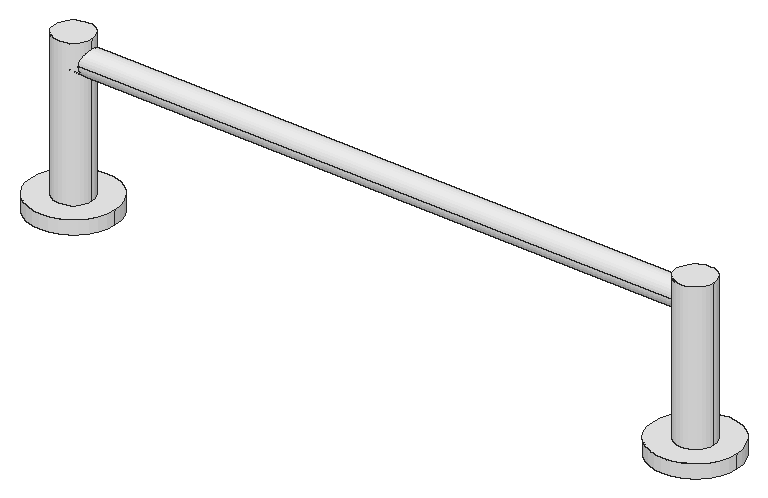
Revit family "CL60019-C_ROUND 300MM SINGLE TOWEL RAIL", category Specialty Equipment, host Face, Revit 2015
Parameters (values of type "ROUND 300MM SINGLE TOWEL RAIL CHROME")
  URL = "https://www.clark.com.au/"
  Rail_Length = 300 mm
  Model = "CL60019.C"
  Material_Base = GWA_Metal-Chrome
  Manufacturer = "GWA Bathrooms & Kitchens"  # constant formula
  Description = "ROUND 300MM SINGLE TOWEL RAIL CHROME"
  Default Elevation = 900 mm
  CreatedBy_ANZRS = "GWA Bathrooms & Kitchens"  # constant formula
  Assembly Code = "C1030200"
Types (3, lengths in mm): name | Model | Material_Base | Description
  (no name) | "CL60019.C" | GWA_Metal-Chrome | "ROUND 300MM SINGLE TOWEL RAIL CHROME"
  ROUND 300MM SINGLE TOWEL RAIL CHROME | "CL60019.C" | GWA_Metal-Chrome | "ROUND 300MM SINGLE TOWEL RAIL CHROME"
  ROUND 300MM SINGLE TOWEL RAIL BLACK | "CL60019.B" | GWA-Metal-Black | "ROUND 300MM SINGLE TOWEL RAIL BLACK"
Reference planes
  plane 1 "Center (Front/Back)": y = 0
  plane 2: z = 0
  plane 3 "Center (Left/Right)": x = 0
  plane 4 "Left Support": x = -150
  plane 5 "Right Support": x = 150
Forms (mm)
  Extrusion 1, solid, material "GWA_Metal-Chrome" <- "Material_Base"
    sketch origin (0, 0, 0) x (1, 0, 0) y (0, 1, 0)
      loop
        circle (-150, 0) r 20
    from 0 to 6.5
  Extrusion 2, solid, material "GWA_Metal-Chrome" <- "Material_Base"
    sketch origin (0, 0, 0) x (1, 0, 0) y (0, 1, 0)
      loop
        circle (150, 0) r 20
    from 0 to 6.5
  Extrusion 3, solid, material "GWA_Metal-Chrome" <- "Material_Base"
    sketch origin (0, 0, 0) x (1, 0, 0) y (0, 1, 0)
      loop
        circle (-150, 0) r 9
    from 6.5 to 76.5
  Extrusion 4, solid, material "GWA_Metal-Chrome" <- "Material_Base"
    sketch origin (0, 0, 0) x (1, 0, 0) y (0, 1, 0)
      loop
        circle (150, 0) r 9
    from 6.5 to 76.5
  Extrusion 5, solid, material "GWA_Metal-Chrome" <- "Material_Base"
    sketch origin (0, 0, 0) x (0, 1, 0) y (0, 0, 1)
      loop
        circle (0, 66.5) r 6
    from -150 to 150
Lines and regions (mm)
  Masking region 1
    outline origin (0, 0, 0) x (1, 0, 0) y (0, 1, 0)
      loop
        arc (-130.921, 6) -> (-153.035, 19.768) -> (-170, 0) r 20
        arc (-170, 0) -> (-153.035, -19.768) -> (-130.921, -6) r 20
        line (-130.921, -6) -> (130.921, -6)
        arc (130.921, -6) -> (153.035, -19.768) -> (170, 0) r 20
        arc (170, 0) -> (153.035, 19.768) -> (130.921, 6) r 20
        line (130.921, 6) -> (-130.921, 6)
  Masking region 2
    outline origin (0, 0, 0) x (1, 0, 0) y (0, 0, 1)
      loop
        line (159, 76.5) -> (141, 76.5) -> (141, 72.5) -> (-141, 72.5) -> (-141, 76.5) -> (-159, 76.5) -> (-159, 6.5) -> (-170, 6.5) -> (-170, 0) -> (-130, 0) -> (-130, 6.5) -> (-141, 6.5) -> (-141, 60.5) -> (141, 60.5) -> (141, 6.5) -> (130, 6.5) -> (130, 0) -> (170, 0) -> (170, 6.5) -> (159, 6.5) -> (159, 76.5)
  Masking region 3
    outline origin (0, 0, 0) x (0, 1, 0) y (0, 0, 1)
      loop
        line (9, 76.5) -> (-9, 76.5) -> (-9, 6.5) -> (-20, 6.5) -> (-20, 0) -> (20, 0) -> (20, 6.5) -> (9, 6.5) -> (9, 76.5)
  symbolic lines
    curve 1: circle (-150, 0, 0) r 9 normal (0, 0, 1)
    curve 2: circle (150, 0, 0) r 9 normal (0, 0, 1)
    curve 3: line (130.921, 6, 0) -> (143.292, 6, 0)
    curve 4: line (130.921, -6, 0) -> (143.292, -6, 0)
    curve 5: line (-130.921, 6, 0) -> (-143.292, 6, 0)
    curve 6: line (-130.921, -6, 0) -> (-143.292, -6, 0)
    curve 7: line (141, 0, 60.5) -> (141, 0, 72.5)
    curve 8: line (-141, 0, 60.5) -> (-141, 0, 72.5)
    curve 9: line (-141, 0, 6.5) -> (-159, 0, 6.5)
    curve 10: line (159, 0, 6.5) -> (141, 0, 6.5)
    curve 11: line (0, 9, 6.5) -> (0, -9, 6.5)
Dimensions and locks
  equal spacing: plane 4 "Left Support", plane 3 "Center (Left/Right)", plane 5 "Right Support"
  "Rail_Length": plane 4 "Left Support" to plane 5 "Right Support"
  aligned and locked: plane 2 to host face
  aligned and locked: level to host face
  aligned and locked: Extrusion 5 to plane 4 "Left Support"
  aligned and locked: plane 5 "Right Support" to Extrusion 5
Automatic sketch dimensions
  host sketch curve to host sketch curve = 2438.4 mm  (x2)
  plane 1 "Center (Front/Back)" to Extrusion 1 sketch curve = 0 mm
  Extrusion 1 sketch curve to plane 4 "Left Support" = 0 mm
  plane 1 "Center (Front/Back)" to Extrusion 2 sketch curve = 0 mm
  Extrusion 2 sketch curve to plane 5 "Right Support" = 0 mm
  plane 1 "Center (Front/Back)" to Extrusion 3 sketch curve = 0 mm
  Extrusion 3 sketch curve to plane 4 "Left Support" = 0 mm
  plane 1 "Center (Front/Back)" to Extrusion 4 sketch curve = 0 mm
  Extrusion 4 sketch curve to plane 5 "Right Support" = 0 mm
  Extrusion 5 sketch curve to plane 1 "Center (Front/Back)" = 0 mm
  level to Extrusion 5 sketch curve = 66.5 mm
  Masking region 1 sketch curve to Masking region 1 sketch curve = 0 mm  (x2)
  plane 1 "Center (Front/Back)" to Masking region 1 sketch curve = 0 mm  (x2)
  Masking region 1 sketch curve to plane 4 "Left Support" = 0 mm
  plane 4 "Left Support" to Masking region 1 sketch curve = 19.079 mm
  Masking region 1 sketch curve to plane 5 "Right Support" = 0 mm
  Masking region 1 sketch curve to plane 5 "Right Support" = 19.079 mm
  plane 1 "Center (Front/Back)" to Masking region 1 sketch curve = 6 mm
  Masking region 1 sketch curve to Masking region 1 sketch curve = 6 mm
  plane 1 "Center (Front/Back)" to curve 1 = 0 mm
  curve 1 to plane 4 "Left Support" = 0 mm
  plane 1 "Center (Front/Back)" to curve 2 = 0 mm
  curve 2 to plane 5 "Right Support" = 0 mm
  plane 4 "Left Support" to curve 6 = 6.708 mm
  curve 5 to plane 1 "Center (Front/Back)" = 6 mm
  curve 5 to curve 5 = 12.371 mm
  plane 1 "Center (Front/Back)" to curve 6 = 6 mm
  curve 6 to curve 5 = 0 mm
  curve 3 to plane 1 "Center (Front/Back)" = 6 mm
  curve 3 to plane 5 "Right Support" = 19.079 mm
  curve 4 to curve 3 = 0 mm
  curve 4 to plane 5 "Right Support" = 6.708 mm
  curve 3 to plane 5 "Right Support" = 6.708 mm
  Masking region 2 sketch curve to level = 0 mm  (x2)
  Masking region 2 sketch curve to plane 5 "Right Support" = 9 mm  (x2)
  Masking region 2 sketch curve to plane 5 "Right Support" = 20 mm
  level to Masking region 2 sketch curve = 6.5 mm  (x4)
  plane 4 "Left Support" to Masking region 2 sketch curve = 20 mm
  plane 4 "Left Support" to Masking region 2 sketch curve = 9 mm  (x2)
  Masking region 2 sketch curve to plane 4 "Left Support" = 9 mm
  Masking region 2 sketch curve to Masking region 2 sketch curve = 11 mm  (x2)
  plane 5 "Right Support" to Masking region 2 sketch curve = 9 mm
  Masking region 2 sketch curve to Masking region 2 sketch curve = 54 mm
  Masking region 2 sketch curve to Masking region 2 sketch curve = 12 mm
  Masking region 2 sketch curve to Masking region 2 sketch curve = 4 mm  (x2)
  curve 9 to plane 4 "Left Support" = 9 mm
  level to curve 10 = 6.5 mm
  plane 4 "Left Support" to curve 8 = 9 mm
  plane 4 "Left Support" to curve 9 = 9 mm
  curve 7 to plane 5 "Right Support" = 9 mm
  curve 10 to plane 5 "Right Support" = 9 mm
  plane 5 "Right Support" to curve 10 = 9 mm
  level to curve 9 = 6.5 mm
  curve 9 to curve 8 = 54 mm
  curve 10 to curve 7 = 54 mm
  curve 8 to curve 8 = 12 mm
  curve 7 to curve 7 = 12 mm
  Masking region 3 sketch curve to level = 0 mm
  plane 1 "Center (Front/Back)" to Masking region 3 sketch curve = 20 mm
  plane 1 "Center (Front/Back)" to Masking region 3 sketch curve = 9 mm
  Masking region 3 sketch curve to plane 1 "Center (Front/Back)" = 20 mm
  level to Masking region 3 sketch curve = 6.5 mm  (x2)
  Masking region 3 sketch curve to Masking region 3 sketch curve = 70 mm
  Masking region 3 sketch curve to plane 1 "Center (Front/Back)" = 9 mm
  plane 1 "Center (Front/Back)" to curve 11 = 9 mm
  level to curve 11 = 6.5 mm
  curve 11 to plane 1 "Center (Front/Back)" = 9 mm
  radius of Extrusion 1 sketch curve = 20 mm
  radius of Extrusion 2 sketch curve = 20 mm
  radius of Extrusion 3 sketch curve = 9 mm
  radius of Extrusion 4 sketch curve = 9 mm
  radius of Extrusion 5 sketch curve = 6 mm
